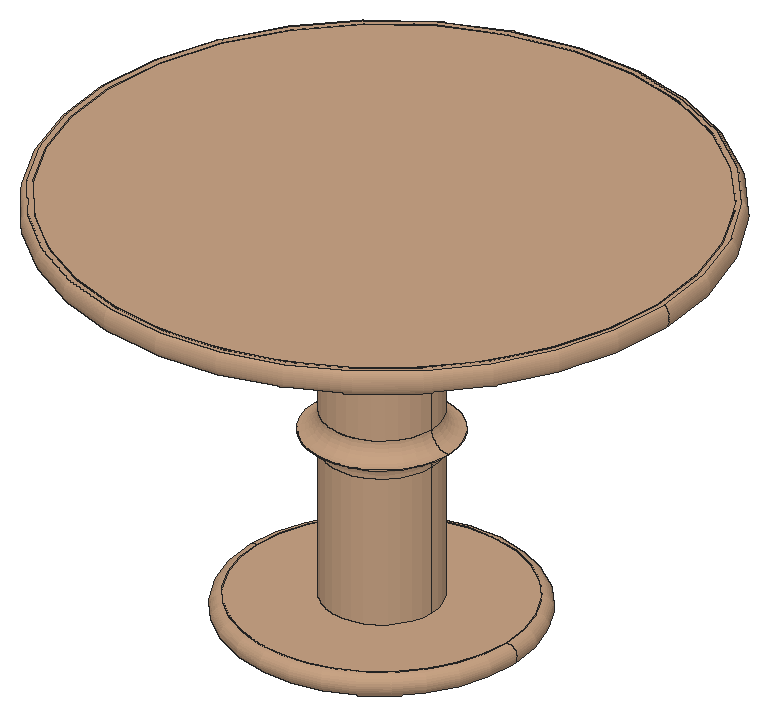
Revit family "MESA DE JANTAR 1 PÉS Ø100 BAMBU", category Mobiliário, Revit 2024
Family settings
  Número OmniClass = 23.40.20.00
  Título OmniClass = General Furniture and Specialties
  Com base no plano de trabalho = Não
  Ativar corte nas vistas = Não
  Sempre na vertical = Sim
  Corte com vazios quando carregada = Não
  Origem da aparência de renderização = Geometria da família
  Compartilhado = Não
  Ponto de cálculo do ambiente = Não
Parameters
  MATERIAL TAMPO [instance] = none
  MATERIAL PE [instance] = none
  Elevação padrão = 0 mm
Reference planes
  plane 1 "Centro (Frente/Trás)": y = 0
  plane 2: z = 0
  plane 3 "Centro (Esquerda/Direita)": x = 0
  plane 4: x = -920
  plane 5: x = 920
  plane 6: y = 747.177
  plane 7: y = -747.177
  plane 8: z = 300
Forms (mm)
  Sweep 1, solid, material ".LR_MADEIRA CLARA"
    path origin (-257.801, -2341.948, 750) x (1, 0, 0) y (0, 1, 0)
      loop
        circle (311.798, 2382.628) r 550
    profile origin (53.997, -509.32, 750) x (0, 1, 0) y (0, 0, 1)
      loop
        line (0, 0) -> (-10, 0)
        spline (-10, 0) -> (-12.588, -0.681) -> (-15, -2.679) -> (-17.071, -5.858) -> (-18.66, -10) -> (-19.659, -14.824) -> (-20, -20) -> (-19.659, -25.176) -> (-18.66, -30) -> (-17.071, -34.142) -> (-15, -37.321) -> (-12.588, -39.319) -> (-10, -40)
        line (-10, -40) -> (0, -40) -> (0, 0)
  Extrusion 2, solid, material ".LR_MADEIRA CLARA"
    sketch origin (-257.801, -2341.948, 450) x (1, 0, 0) y (0, 1, 0)
      loop
        circle (311.798, 2382.628) r 550
    from 260 to 300
  Sweep 3, solid, material ".LR_MADEIRA CLARA"
    path origin (1137.904, -48.336, 40) x (1, 0, 0) y (0, 1, 0)
      loop
        circle (-1083.907, 83.685) r 250
    profile origin (53.997, -214.651, 40) x (0, -1, 0) y (0, 0, 1)
      loop
        line (0, 0) -> (0, -40)
        arc (0, -40) -> (20, -20) -> (0, 0) r 20
  Extrusion 4, solid, material ".LR_MADEIRA CLARA"
    sketch origin (1137.904, -48.336, 40) x (1, 0, 0) y (0, 1, 0)
      loop
        circle (-1083.907, 83.685) r 250
    from -40 to 0
Lines and regions (mm)
  symbolic lines
    curve 1: line (0, -154.587, 160.5) -> (0, -154.587, 159.5)
Dimensions and locks
  plane 8 to plane 2 = 300 mm
  aligned and locked: level to plane 2
Nested families
  nested 1: "PÉ 01 - PARAMETRICO_02" at (53.997, 35.349, 40), type "PÉ 01 - PARAMETRICO_120"
    with altura pé 670 mm, altura gomo 325 mm, MATERIAL PE .LR_MADEIRA CLARA
Definition of nested family "PÉ 01 - PARAMETRICO_02"
  Parameters (values of type "PÉ 01 - PARAMETRICO_120")
    altura pé [instance] = 500 mm
    altura gomo [instance] = 250 mm
    Raio = 100 mm
    R22 = 2 * R2 + 1 mm  # 67.667 mm
    R21 [instance] = 11 mm
    R2 = Raio / 3  # 33.333 mm
    MATERIAL PE [instance] = none
    Default Elevation = 0 mm
  Reference planes
    plane 1 "Centro (Frente/Trás)": y = 0
    plane 2: z = 0
    plane 3 "Centro (Esquerda/Direita)": x = 0
    plane 4: z = 500
    plane 5: z = 250
  Forms (mm)
    Extrusion 1, solid, material <- "MATERIAL PE"
      sketch origin (0, 0, 0) x (1, 0, 0) y (0, 1, 0)
        loop
          circle (0, 0) r 100
      from 0 to 500
    Sweep 2, solid, material <- "MATERIAL PE"
      path origin (0, 0, 0) x (1, 0, 0) y (0, 1, 0)
        loop
          circle (0, 0) r 100
      profile origin (0, 100, 0) x (0, -1, 0) y (0, 0, 1)
        loop
          line (0, 186.167) -> (0, 253.833) -> (-33.333, 253.833) -> (-33.333, 186.167) -> (0, 186.167)
    Sweep 3, void
      path in 3D
        loop
          arc (133.333, 0, 253.833) -> (0, -133.333, 253.833) -> (-133.333, 0, 253.833) r 133.333
          arc (-133.333, 0, 253.833) -> (0, 133.333, 253.833) -> (133.333, 0, 253.833) r 133.333
      profile origin (0, 133.333, 253.833) x (0, 1, 0) y (0, 0, 1)
        loop
          line (0, 0) -> (-33.333, 0)
          arc (-33.333, 0) -> (-23.57, -23.57) -> (0, -33.333) r 33.333
          line (0, -33.333) -> (0, 0)
        loop
          line (0, -67.667) -> (0, -34.333)
          arc (0, -34.333) -> (-23.57, -44.096) -> (-33.333, -67.667) r 33.333
          line (-33.333, -67.667) -> (0, -67.667)
  Cuts and joins
    Sweep 3 cuts Extrusion 1
    Sweep 3 cuts Sweep 2
    joined: Extrusion 1, Sweep 2
  Lines and regions (mm)
    sketch lines
      curve 1: arc (-133.333, 0, 253.833) -> (0, 133.333, 253.833) -> (133.333, 0, 253.833) r 133.333
      curve 2: arc (133.333, 0, 253.833) -> (0, -133.333, 253.833) -> (-133.333, 0, 253.833) r 133.333
  Dimensions and locks
    plane 4 to plane 2 = 500 mm
    "altura pé": plane 4 to plane 2
    "altura gomo": plane 5 to level
    "R2": Sweep 2 sketch curve to Sweep 2 sketch curve
    Sweep 2 sketch curve to plane 5 to Sweep 2 sketch curve = 63.833 mm, 3.833 mm
    "R22": Sweep 2 sketch curve to Sweep 2 sketch curve
    "Raio": radius of Extrusion 1 sketch curve
    "Raio": radius of Sweep 2 sketch curve
    aligned and locked: level to plane 2
    aligned and locked: plane 4 to Extrusion 1
  Automatic sketch dimensions
    Sweep 3 sketch curve to profile plane = 0 mm  (x3)
    Sweep 3 sketch curve to Sweep 3 sketch curve = 1 mm
    Sweep 3 sketch curve to Sweep 3 sketch curve = 33.333 mm
    profile plane to Sweep 3 sketch curve = 33.333 mm
    plane 1 "Centro (Frente/Trás)" to Extrusion 1 sketch curve = 0 mm
    Extrusion 1 sketch curve to plane 3 "Centro (Esquerda/Direita)" = 0 mm
    Sweep 2 sketch curve to Sweep 2 sketch curve = 0 mm  (x2)
    plane 1 "Centro (Frente/Trás)" to Sweep 2 sketch curve = 0 mm
    Sweep 2 sketch curve to plane 3 "Centro (Esquerda/Direita)" = 0 mm
    Sweep 2 sketch curve to profile plane = 0 mm
